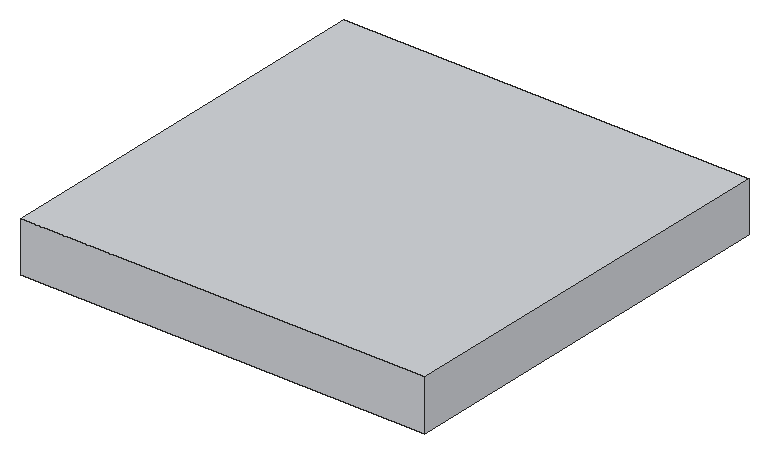
Revit family "Regadera H-3300", category Aparatos sanitarios, Revit 2016
Family settings
  Anfitrión = Cara
  Tipo de pieza = Normal
  Cota de conector redondo = Diámetro de uso
  Número OmniClass = 23.45.05.14.17
  Título OmniClass = Showers
  Corte con vacíos al cargar = No
  Compartido = Sí
  Punto de cálculo de habitación = Sí
Parameters (values of type "Regadera H-3300")
  URL = ""
  Total Diameter = 4.60"
  Presión mínima de trabajo = 14.22 psi
  Presión máxima de trabajo = 85.34 psi
  Imagen de tipo = H-3300.jpg
  Conexión = "½\"-14 NPSM"
  Type Comments = "Regadera redonda de plato ancho multichorro 5\"\r\n3 Chorros."
  Total Length = 10.40"
  Modelo = "H-3300"
  Material = Brass Chromed
  Fabricante = "HELVEX S.A. DE C.V."
  Description = "Regadera redonda de plato ancho multichorro 5\"\r\n3 Chorros."
  Elevación por defecto = 0.50"
Reference planes (in)
  plane 1 "Center (Front/Back)": y = 0
  plane 2: z = 0
  plane 3 "Center (Left/Right)": x = 0
Forms (in)
  Extrusion 1, solid
    sketch origin (0, 0, 0) x (1, 0, 0) y (0, 1, 0)
      loop
        line (-48, 48) -> (-48, -48) -> (48, -48) -> (48, 48) -> (-48, 48)
    from 0 to -12
Dimensions and locks (in)
  aligned and locked: plane 2 to Extrusion 1
  aligned and locked: level to Extrusion 1
Connectors (in)
  piping at (-0.00392, -0.00371, -0.38639), diameter 0.5, driven by "Elevación por defecto"
    settings: on import instance, index 1, connector inside diameter 609.6 mm, connector length 0.00", flow factor 0, pipe flow 0.0 L/s, pressure drop 0.0 psi, fitting loss kfactor 0, connector angle 0.00°, fixture units 0, engagement length 0.00", angle of deflection 0.00°, flow configuration 0, flow direction 1, fitting loss method 0, system type 7, joint type 0, gender type 0, connector reference index -1, connector utility 0, adjustable connector no, is connector primary yes, connector description ""
